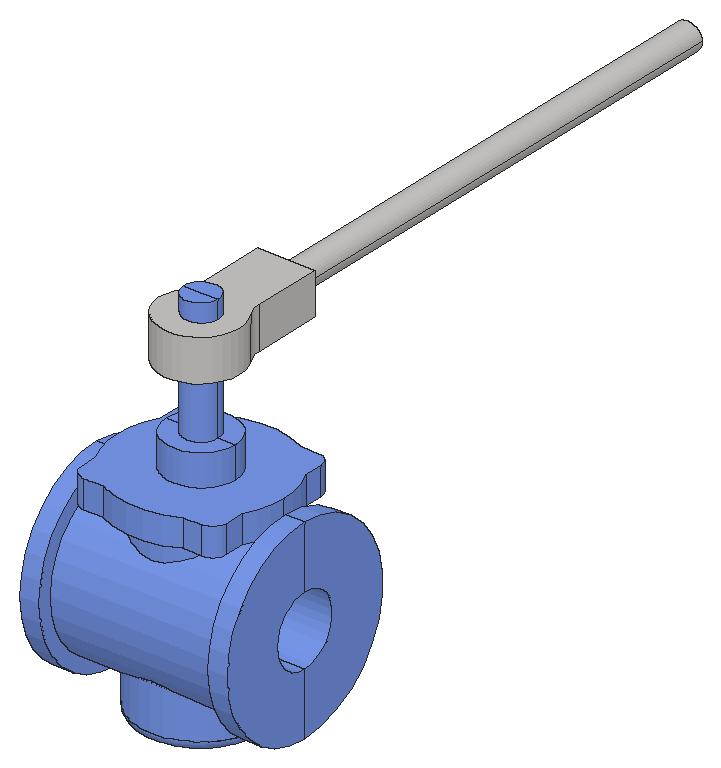
Revit family "VM-5825R_Series", category Pipe Accessories, Revit 2014
Parameters (values of type "6030-0084 - 2 1/2"")
  Wrench = VM-3L_Series : 4L
  Width = 7.500"
  Waste Connection = no
  Vent Connection = no
  Valve Size = 2.500"
  Price = "Prices may vary. Please consult Manufacturer Representative for most up-to-date price list."  # constant formula
  No. of Bolts = 4
  Model = "VM-5825R"
  Material = "Metal-Zoeller-Cast Iron"  # constant formula
  Manufacturer = "Zoeller"
  Length = Width  # 7.500"
  Height = Center to Top + Center to Bottom  # 14.12109"
  HW Connection = no
  Flange Thickness = 0.69141"
  Flange Diameter = 7.000"
  Description = "Rectangular Plug Valve With Bare Stem"  # constant formula
  Default Elevation = 0.000"
  Creation Date = "3/4/2016"  # constant formula
  Center to Top = 9.62109"
  Center to Bottom = 4.500"
  CWP (PSI) = 175.00 psi  # constant formula
  CW Connection = no
  Bolt Size = 0.625"
  Assembly Code = "D2090800"
  Actuator Mount Height = 4.620"
  Actuator Mount Diameter = 1.246"
  Actuator Mount Base Diameter = Actuator Mount Diameter * 2  # 2.492"
Types (4): name | Width | Valve Size | No. of Bolts | Model | Length | Height | Flange Thickness | Flange Diameter | Center to Top | Center to Bottom | Actuator Mount Height | Actuator Mount Diameter | Actuator Mount Base Diameter
  (no name) | 7.500" | 2.500" | 4 | "VM-5825R" | 7.500" | 14.12109" | 0.69141" | 7.000" | 9.62109" | 4.500" | 4.620" | 1.246" | 2.492"
  6030-0084 - 2 1/2" | 7.500" | 2.500" | 4 | "VM-5825R" | 7.500" | 14.12109" | 0.69141" | 7.000" | 9.62109" | 4.500" | 4.620" | 1.246" | 2.492"
  6030-0085 - 3" | 8.000" | 3.000" | 4 | "VM-5803R" | 8.000" | 14.12109" | 0.750" | 7.500" | 9.62109" | 4.500" | 6.000" | 1.246" | 2.492"
  6030-0086 - 4" | 9.000" | 4.000" | 8 | "VM-5804R" | 9.000" | 16.500" | 0.750" | 9.000" | 10.940" | 5.560" | 6.250" | 1.496" | 2.992"
Reference planes (in)
  plane 1 "Center (Front/Back)": y = 0
  plane 2: z = 0
  plane 3 "Center (Left/Right)": x = 0
  plane 4: x = -3.75
  plane 5: x = 3.75
  plane 6: y = 3.75
  plane 7: y = -3.75
  plane 8: z = 1.25
  plane 9: z = -1.25
  plane 10: z = 3
  plane 11: z = -4.5
  plane 12: z = 3.5
  plane 13: z = -3.5
  plane 14: z = 9.62109
  plane 15: x = -0.623
  plane 16: x = 0.623
  plane 17: x = -1.246
  plane 18: x = 1.246
  plane 19: x = -2.625
  plane 20: y = 3.375
  plane 21: y = 3
  plane 22: y = -3.375
  plane 23: y = -3
  plane 24: x = -3.375
  plane 25: x = -3
  plane 26: x = 3.375
  plane 27: x = 3
  plane 28: x = 2.625
Forms (in)
  Revolve 1, solid, material "Metal-Zoeller-Cast Iron"
    sketch origin (0, 0, 0) x (1, 0, 0) y (0, 0, 1)
      loop
        line (-3.75, 3.5) -> (-3.75, 1.25) -> (3.75, 1.25) -> (3.75, 3.5) -> (3.05859, 3.5) -> (3.05859, 3) -> (-3.05859, 3) -> (-3.05859, 3.5) -> (-3.75, 3.5)
      axis (-3.75, 0) -> (3.75, 0)
    angle from 0 to 360
  Revolve 2, solid, material "Metal-Zoeller-Cast Iron"
    sketch origin (0, 0, 0) x (1, 0, 0) y (0, 0, 1)
      loop
        line (-0.623, 9.62109) -> (-0.623, 5.125) -> (-1.246, 5.125) -> (-1.246, 4) -> (-3, 4) -> (-3, 3) -> (-2.25916, 3) -> (-2.25916, -3.65527)
        arc (-2.25916, -3.65527) -> (-2.15819, -3.89903) -> (-1.91444, -4) r 0.34473
        line (-1.91444, -4) -> (-0.9345, -4) -> (-0.9345, -4.5) -> (0, -4.5) -> (0, 9.62109) -> (-0.623, 9.62109)
      axis (0, -4.5) -> (0, 9.62109)
    angle from 0 to 360
  Extrusion 3, solid, material "Metal-Zoeller-Cast Iron"
    sketch origin (0, 0, 0) x (1, 0, 0) y (0, 1, 0)
      loop
        arc (-2.125, 2.625) -> (-2.47855, 2.47855) -> (-2.625, 2.125) r 0.5
        line (-2.625, 2.125) -> (-2.625, -2.125)
        arc (-2.625, -2.125) -> (-2.47855, -2.47855) -> (-2.125, -2.625) r 0.5
        line (-2.125, -2.625) -> (2.125, -2.625)
        arc (2.125, -2.625) -> (2.47855, -2.47855) -> (2.625, -2.125) r 0.5
        line (2.625, -2.125) -> (2.625, 2.125)
        arc (2.625, 2.125) -> (2.47855, 2.47855) -> (2.125, 2.625) r 0.5
        line (2.125, 2.625) -> (-2.125, 2.625)
    from 3 to 4
Cuts and joins
  joined: Revolve 2, Extrusion 3
Dimensions and locks (in)
  "Length": plane 5 to plane 4
  equal spacing: plane 5, plane 3 "Center (Left/Right)", plane 4
  "Width": plane 6 to plane 7
  equal spacing: plane 6, plane 1 "Center (Front/Back)", plane 7
  "Valve Size": plane 8 to plane 9
  equal spacing: plane 8, level, plane 9
  "Flange Diameter": plane 12 to plane 13
  equal spacing: plane 12, level, plane 13
  locked: plane 12 to plane 10 at 0.5
  "Center to Bottom": level to plane 11
  "Center to Top": plane 14 to level
  "Actuator Mount Diameter": plane 16 to plane 15
  equal spacing: plane 16, plane 3 "Center (Left/Right)", plane 15
  "Actuator Mount Base Diameter": plane 18 to plane 17
  equal spacing: plane 18, plane 3 "Center (Left/Right)", plane 17
  equal spacing: plane 15, Revolve 2 sketch curve, plane 17
  equal spacing: plane 13, Revolve 2 sketch curve, plane 11
  locked: Revolve 2 sketch curve to plane 10 at 1
  locked: Revolve 2 sketch curve to Revolve 2 sketch curve at 1.125
  locked: plane 20 to plane 6 at 0.375
  locked: plane 21 to plane 20 at 0.375
  locked: plane 22 to plane 7 at 0.375
  locked: plane 23 to plane 22 at 0.375
  locked: plane 24 to plane 4 at 0.375
  locked: plane 25 to plane 24 at 0.375
  locked: plane 27 to plane 26 at 0.375
  locked: plane 26 to plane 5 at 0.375
  locked: plane 25 to plane 19 at 0.375
  locked: plane 28 to plane 27 at 0.375
  "Flange Thickness": Revolve 1 sketch curve to plane 4
  "Flange Thickness": Revolve 1 sketch curve to plane 5
  locked: Extrusion 3 sketch curve to plane 21 at 0.375
  locked: Extrusion 3 sketch curve to plane 23 at 0.375
  locked: plane 14 to nested 1 at 0.625
  aligned and locked: plane 4 to Revolve 1 sketch curve
  aligned and locked: plane 5 to Revolve 1 sketch curve
  aligned and locked: Revolve 1 sketch curve to Revolve 1 sketch curve
  aligned and locked: Revolve 1 sketch curve to plane 8
  aligned and locked: Revolve 1 sketch curve to plane 10
  aligned and locked: Revolve 1 sketch curve to plane 12
  aligned and locked: plane 11 to Revolve 2 sketch curve
  aligned and locked: plane 14 to Revolve 2 sketch curve
  aligned and locked: Revolve 2 sketch curve to plane 15
  aligned and locked: Revolve 2 sketch curve to plane 10
  aligned and locked: Extrusion 3 to plane 10
  aligned and locked: Extrusion 3 to Revolve 2
  aligned and locked: plane 25 to Revolve 2 sketch curve
  aligned and locked: plane 19 to Extrusion 3 sketch curve
  aligned and locked: plane 28 to Extrusion 3 sketch curve
  aligned and locked: nested 1 to plane 1 "Center (Front/Back)"
  aligned and locked: plane 3 "Center (Left/Right)" to nested 1
Automatic sketch dimensions
  Revolve 2 sketch curve to plane 17 = 0.000"
  Revolve 2 sketch curve to plane 3 "Center (Left/Right)" = 0.000"  (x2)
  plane 19 to Revolve 2 sketch curve = 0.36584"
  Revolve 2 sketch curve to plane 13 = 0.15527"
  plane 11 to Revolve 2 sketch curve = 13.500"
  Revolve 2 sketch curve to Revolve 2 sketch curve = 4.250"
  plane 19 to Extrusion 3 sketch curve = 0.500"
  Extrusion 3 sketch curve to Extrusion 3 sketch curve = 0.500"
  plane 28 to Extrusion 3 sketch curve = 0.500"  (x2)
  Revolve 1 sketch curve to level = 0.000"
  Revolve 1 sketch curve to plane 12 = 0.000"
  Revolve 1 sketch curve to plane 4 = 0.250"
  Revolve 1 sketch curve to Revolve 1 sketch curve = 5.500"
Nested families (in)
  nested 1: "VM-3L_Series" at (0, 0, 8.24609) x (0, 1, 0) z (0, 0, 1), type "4L"
Connectors (in)
  piping at (3.75, 0, 0), diameter 2.5, driven by "Valve Size"
    settings: on Revolve 1, index 1, connector inside diameter 24", connector length 0.000", flow factor 0, pipe flow 0 GPM, pressure drop 0.00 psi, fitting loss kfactor 0, connector angle 0.00°, fixture units 0, engagement length 0.000", angle of deflection 0.00°, flow configuration 0, flow direction 2, fitting loss method 0, system type 29, joint type 0, gender type 0, connector reference index -1, connector utility 0, adjustable connector no, is connector primary yes, connector description ""
  piping at (-3.75, 0, 0), diameter 2.5, driven by "Valve Size"
    settings: on Revolve 1, index 2, connector inside diameter 24", connector length 0.000", flow factor 0, pipe flow 0 GPM, pressure drop 0.00 psi, fitting loss kfactor 0, connector angle 0.00°, fixture units 0, engagement length 0.000", angle of deflection 0.00°, flow configuration 0, flow direction 1, fitting loss method 0, system type 29, joint type 0, gender type 0, connector reference index -1, connector utility 0, adjustable connector no, is connector primary no, connector description ""
Definition of nested family "VM-3L_Series"
  Parameters (values of type "4L")
    Waste Connection = no
    Vent Connection = no
    Price = "Prices may vary. Please consult Manufacturer Representative for most up-to-date price list."  # constant formula
    Model = "4L"
    Material = "Metal-Zoeller-Cast Iron"  # constant formula
    Manufacturer = "Zoeller"
    Length = 22.000"
    HW Connection = no
    Description = "Wrench Lengths for Lever Operated Valves"  # constant formula
    Default Elevation = 0.000"
    Creation Date = "3/4/2016"  # constant formula
    CW Connection = no
    Assembly Code = "D2090800"
  Types (3): name | Length
    (no name) | 22.000"
    4L | 22.000"
    8L | 44.000"
  Reference planes (in)
    plane 1 "Center (Front/Back)": y = 0
    plane 2: z = 0
    plane 3 "Center (Left/Right)": x = 0
    plane 4: x = 22
    plane 5: z = 0.75
    plane 6: z = -0.75
  Forms (in)
    Revolve 1, solid, material "Metal-Zoeller-Stainless Steel"
      sketch origin (0, 0, 0) x (1, 0, 0) y (0, 1, 0)
        loop
          line (0, 0) -> (22, 0) -> (22, 0.5) -> (0, 0.5) -> (0, 0)
        axis (22, 0) -> (0, 0)
      angle from 0 to 360
    Extrusion 2, solid, material "Metal-Zoeller-Stainless Steel"
      sketch origin (0, 0, 0) x (1, 0, 0) y (0, 1, 0)
        loop
          arc (0.76217, 1.20355) -> (-1.48818, 0) -> (0.76217, -1.20355) r 1.44702
          arc (0.76217, -1.20355) -> (1.02813, -1.07788) -> (1.31911, -1.03475) r 1.0032
          line (1.31911, -1.03475) -> (3.85816, -1.03475) -> (3.85816, 1.03475) -> (1.31911, 1.03475)
          arc (1.31911, 1.03475) -> (1.02813, 1.07788) -> (0.76217, 1.20355) r 1.0032
      from -0.75 to 0.75
  Cuts and joins
    joined: Revolve 1, Extrusion 2
  Dimensions and locks (in)
    "Length": plane 3 "Center (Left/Right)" to plane 4
    aligned and locked: Revolve 1 sketch curve to plane 3 "Center (Left/Right)"
    aligned and locked: plane 4 to Revolve 1 sketch curve
  Automatic sketch dimensions
    plane 1 "Center (Front/Back)" to Revolve 1 sketch curve = 0.000"  (x2)
    Revolve 1 sketch curve to plane 1 "Center (Front/Back)" = 0.500"
    Revolve 1 sketch curve to plane 3 "Center (Left/Right)" = 9.500"
    Revolve 1 sketch curve to Revolve 1 sketch curve = 3.250"
    plane 1 "Center (Front/Back)" to Extrusion 2 sketch curve = 0.000"
    Extrusion 2 sketch curve to plane 3 "Center (Left/Right)" = 0.04116"
    plane 3 "Center (Left/Right)" to Extrusion 2 sketch curve = 1.31911"  (x2)
    plane 1 "Center (Front/Back)" to Extrusion 2 sketch curve = 1.03475"
    Extrusion 2 sketch curve to Extrusion 2 sketch curve = 2.53905"
    Extrusion 2 sketch curve to Extrusion 2 sketch curve = 1.0032"  (x2)
    Extrusion 2 sketch curve to plane 1 "Center (Front/Back)" = 1.03475"
    Extrusion 2 sketch curve to Extrusion 2 sketch curve = 0.000"
